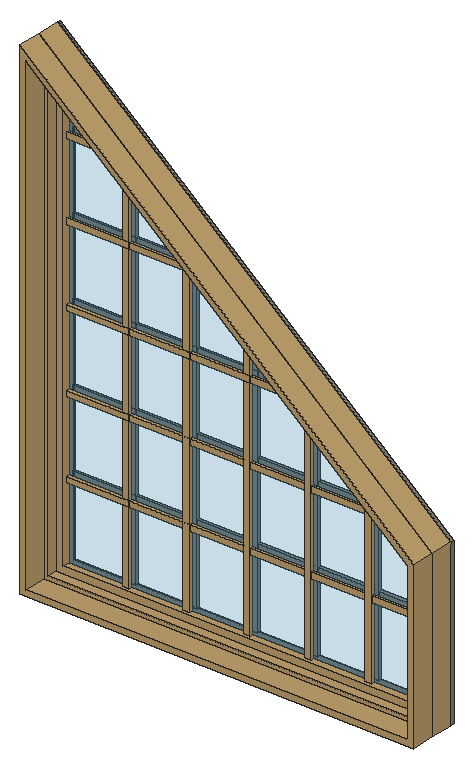
Revit family
Parameters (values of type "CCNTPRYDGPOLY P4")
  Window Type = "Clad Contemporary Direct Glaze Polygon P4"
  URL = "www.marvin.com"
  Slope per foot = 0' - 10"
  Slope Length = Width / cos(Slope Angle)  # 5' - 2.482"
  Slope Angle = atan(Slope per foot / 1' 0")  # 39.8056°
  Nominal Width = 4' - 0"
  Nominal Height = 5' - 0"
  Muntins Interior Visibility = yes
  Muntins Interior Material = Wood-Marvin-Pine
  Muntins Exterior Visibility = yes
  Muntins Exterior Material = Aluminum-Marvin-Bronze
  Model = "CCNTPRYDGPOLY P4"
  Mask Offset [instance] = if(Inset to Installation Flange = 0' 1 3/32", 0' 0 1/32", 0' 0")  # 0' - 0"
  Mask [instance] = Inset to Installation Flange > 0' 1 3/32"  # no
  Manufacturer = "Marvin Windows and Doors"
  Lites Wide = 6
  Lites High = 6
  Label Visibility = no
  Springline Height = Height - (Slope Length * sin(Slope Angle))  # 1' - 8"
  Interior Material = Wood-Marvin-Pine
  Glazing Material = Glass-Marvin-IG Low E II with Argon
  Glass Type = "IG Low E II with Argon"
  Frame = "Aluminum Clad"
  Family created by = "www.rbuiltcomponents.com"
  Rough Width = Width + 0' 1"  # 4' - 1"
  Rough Height = Height + (0' 0 1/2" / cos(Slope Angle)) + (0' 0 1/2" * tan(Slope Angle))  # 5' - 1.06752"
  Jamb Extension Visibility = yes
  Inset to Installation Flange [instance] = 0' - 1"
  Height = Nominal Height  # 5' - 0"
  Design Pressure = if(or(Width > 10' 0", Height > 6' 0"), "", "DP40")  # "DP40"
  Description = "FIXED"
  Default Head Height = 8' - 0"
  Wall Closure = (empty or 0)
  Width = Nominal Width  # 4' - 0"
  Daylight Area = DLO Width * (DLO Height - DLO Height Above Springline) + (DLO Width * DLO Height Above Springline) / 2  # 11.5368 SF
  DLO Width = Width - 0' 3 15/16"  # 3' - 8 1/16"
  DLO Height Above Springline = DLO Width * tan(Slope Angle)  # 3' - 0 23/32"
  DLO Height = Height - 0' 3 15/16"  # 4' - 8 1/16"
  Cladding Material = Aluminum-Marvin-Bronze
  Assembly Code = ""
Reference planes (in)
  plane 1 "Center (Front/Back)": y = 0
  plane 2: z = 0
  plane 3 "Center (Left/Right)": x = -3
  plane 4 "Left": x = -27
  plane 5 "Right": x = 21
  plane 6 "Sill": z = 36
  plane 7 "Top": z = 96
  plane 8 "Inset": y = 2
  plane 9 "Glazing": y = 2.70313
  plane 10 "Jamb Ext Face": y = -0.1875
  plane 11: z = 66
  plane 12: y = -0.21875
  plane 13 "Glazing2": y = 1.89063
Forms (in)
  Sweep 1, solid, material "Aluminum-Marvin-Bronze" <- "Cladding Material"
    path origin (0, 2.70313, 0) x (1, 0, 0) y (0, 0, 1)
      loop
        line (-27, 96) -> (-27, 36) -> (21, 36) -> (21, 56) -> (-27, 96)
    profile "Profile_Ext_Clad_Frame : Profile_Ext_Clad_Frame" origin (-27, 2.70313, 66) x (1, 0, 0) y (0, -1, 0)
      loop
        line (0, 0) -> (0, -0.35938) -> (1.76689, -0.35938) -> (1.76689, -0.24087) -> (1.97001, -0.03774) -> (1.97001, 0) -> (0, 0)
  Sweep 2, solid, material "Wood-Marvin-Pine" <- "Interior Material"
    path origin (0, 2.70313, 0) x (1, 0, 0) y (0, 0, 1)
      loop
        line (-27, 96) -> (-27, 36) -> (21, 36) -> (21, 56) -> (-27, 96)
    profile "Profile_Int_Frame : Profile_Int_Frame" origin (-27, 2.70313, 66) x (1, 0, 0) y (0, -1, 0)
      loop
        line (1.1875, 2.89062) -> (0, 2.89062) -> (0, 0) -> (1.1875, 0) -> (1.1875, 0.8125) -> (1.97001, 0.8125) -> (1.97001, 1.68812) -> (1.1875, 1.68812) -> (1.1875, 2.89062)
  Extrusion 3, solid, material "Wood-Marvin-Pine" <- "Interior Material", visible <- "Jamb Extension Visibility", detail levels medium+fine
    sketch origin (0, -0.1875, 0) x (1, 0, 0) y (0, 0, 1)
      loop
        line (-27, 36) -> (21, 36) -> (21, 56) -> (-27, 96) -> (-27, 36)
      loop
        line (-26.3125, 36.6875) -> (20.3125, 36.6875) -> (20.3125, 55.67799) -> (-26.3125, 94.53216) -> (-26.3125, 36.6875)
    from 0.03125 to 2.8125
  Extrusion 4, solid, material "Glass-Marvin-IG Low E II with Argon" <- "Glazing Material"
    sketch origin (0, 2.70313, 0) x (1, 0, 0) y (0, 0, 1)
      loop
        line (19.71875, 55.64364) -> (-25.71875, 93.50822) -> (-25.71875, 37.28125) -> (19.71875, 37.28125) -> (19.71875, 55.64364)
    from 0 to 0.125
  Extrusion 5, solid, material "Glass-Marvin-IG Low E II with Argon" <- "Glazing Material"
    sketch origin (0, 1.89063, 0) x (1, 0, 0) y (0, 0, 1)
      loop
        line (19.71875, 55.64364) -> (-25.71875, 93.50822) -> (-25.71875, 37.28125) -> (19.71875, 37.28125) -> (19.71875, 55.64364)
    from 0 to -0.125
Lines and regions (in)
  Opening 1
    outline origin (-60, -3, 0) x (1, 0, 0) y (0, 0, 1)
      loop
        line (33, 96) -> (33, 36) -> (81, 36) -> (81, 56) -> (33, 96)
  Masking region 1, visible <- "Mask"
    outline origin (-3, 0, 0) x (0, 1, 0) y (0, 0, 1)
      loop
        line (3.0625, 96) -> (3, 96) -> (3, 36) -> (3.0625, 36) -> (3.0625, 96)
  Masking region 2, visible <- "Jamb Extension Visibility"
    outline origin (0, 0, 36) x (0, -1, 0) y (1, 0, 0)
      loop
        line (-3, -27) -> (3, -27) -> (3, 21) -> (-3, 21) -> (-3, -27)
  Masking region 3
    outline origin (-3, 0, 0) x (0, 1, 0) y (0, 0, 1)
      loop
        line (-0.21875, 96) -> (-3, 96) -> (-3, 36) -> (-0.21875, 36) -> (-0.21875, 96)
  symbolic lines, style "Jamb Extension", visible <- "Jamb Extension Visibility", detail levels fine
    curve 1: line (-27, -3, 36) -> (-26.3125, -3, 36)
    curve 2: line (-26.3125, -3, 36) -> (-26.3125, -0.21875, 36)
    curve 3: line (21, -3, 36) -> (20.3125, -3, 36)
    curve 4: line (20.3125, -3, 36) -> (20.3125, -0.21875, 36)
    curve 5: line (-3, -3, 95.3125) -> (-3, -0.21875, 95.3125)
    curve 6: line (-3, -3, 36.6875) -> (-3, -0.21875, 36.6875)
  symbolic lines, style "WindowsFrameMullionProjection", visible <- "Jamb Extension Visibility", detail levels coarse+medium
    curve 7: line (-26.3125, -0.21875, 36) -> (-26.3125, -3, 36)
    curve 8: line (-26.3125, -3, 36) -> (-27, -3, 36)
    curve 9: line (20.3125, -0.21875, 36) -> (20.3125, -3, 36)
    curve 10: line (20.3125, -3, 36) -> (21, -3, 36)
    curve 13: line (-3, -0.21875, 95.3125) -> (-3, -3, 95.3125)
    curve 14: line (-3, -3, 95.3125) -> (-3, -3, 96)
    curve 15: line (-3, -0.21875, 36.6875) -> (-3, -3, 36.6875)
    curve 16: line (-3, -3, 36.6875) -> (-3, -3, 36)
  symbolic lines, style "Jamb Extension", visible <- "Jamb Extension Visibility"
    curve 11: line (-3, -3, 36.6875) -> (-3, -3, 36)
    curve 12: line (-3, -3, 95.3125) -> (-3, -3, 96)
  reference lines
    curve 17: line (-27, 0, 96) -> (21, 0, 56)
Text (in)
  text "EXTERIOR" at (-58.6888, 50.90694, 0), in view "Ref. Level"
  text "INTERIOR" at (-58.6888, -37.76638, 0), in view "Ref. Level"
  text "Exterior" at (0, 43.65631, 123.19604), in view "Left"
  text "Exterior" at (0, 18.29385, 125.04747), in view "Right"
Dimensions and locks (in)
  equal spacing: plane 4 "Left", plane 3 "Center (Left/Right)", plane 5 "Right"
  "Width": plane 4 "Left" to plane 5 "Right"
  "Height": plane 6 "Sill" to plane 7 "Top"
  "Inset to Installation Flange": host wall to plane 8 "Inset"
  locked: plane 8 "Inset" to plane 9 "Glazing" at 0.70312
  locked: plane 10 "Jamb Ext Face" to plane 8 "Inset" at 2.1875
  locked: Extrusion 4 sketch curve to plane 5 "Right" at 1.28125
  locked: plane 4 "Left" to Extrusion 4 sketch curve at 1.28125
  locked: plane 6 "Sill" to Extrusion 4 sketch curve at 1.28125
  equal spacing: plane 6 "Sill", plane 11, plane 7 "Top"
  "Default Head Height": plane 2 to plane 7 "Top"
  locked: Extrusion 3 sketch curve to Extrusion 3 sketch curve at 0.6875  (x3)
  locked: nested 3 to host wall at 12.00106
  locked: Extrusion 5 sketch curve to plane 5 "Right" at 1.28125
  locked: plane 6 "Sill" to Extrusion 5 sketch curve at 1.28125
  locked: plane 4 "Left" to Extrusion 5 sketch curve at 1.28125
  "Slope Length": curve 17 to curve 17
  "Springline Height": plane 6 "Sill" to curve 17
  locked: curve 13 to plane 7 "Top" at 0.6875
  locked: plane 12 to plane 10 "Jamb Ext Face" at 0.03125
  "Mask Offset": Masking region 1 sketch curve to host wall
  locked: plane 13 "Glazing2" to plane 8 "Inset" at 0.10938
  "Slope Angle": angle plane 7 "Top" to curve 17
  aligned and locked: plane 6 "Sill" to Opening 1 sketch curve  (x2)
  aligned and locked: plane 5 "Right" to Opening 1 sketch curve
  aligned and locked: plane 4 "Left" to Opening 1 sketch curve
  aligned and locked: nested 1 to plane 3 "Center (Left/Right)"
  aligned: plane 8 "Inset" to nested 1
  aligned and locked: host wall to curve 1
  aligned and locked: curve 3 to host wall
  aligned and locked: Sweep 1 sketch curve to plane 6 "Sill"
  aligned and locked: plane 5 "Right" to Sweep 1 sketch curve
  aligned and locked: Sweep 1 sketch curve to plane 4 "Left"
  aligned and locked: Sweep 2 sketch curve to plane 4 "Left"
  aligned and locked: plane 5 "Right" to Sweep 2 sketch curve
  aligned and locked: Sweep 2 sketch curve to plane 6 "Sill"
  aligned and locked: plane 8 "Inset" to nested 2
  aligned and locked: Extrusion 3 sketch curve to plane 6 "Sill"
  aligned and locked: plane 5 "Right" to Extrusion 3 sketch curve
  aligned and locked: host wall to Extrusion 3
  aligned and locked: plane 3 "Center (Left/Right)" to nested 3
  aligned and locked: plane 7 "Top" to Masking region 1 sketch curve
  aligned and locked: Masking region 1 sketch curve to plane 6 "Sill"
  aligned and locked: Extrusion 3 sketch curve to plane 4 "Left"
  aligned and locked: curve 2 to Extrusion 3
  aligned and locked: curve 4 to Extrusion 3
  aligned and locked: plane 4 "Left" to curve 8
  aligned and locked: curve 7 to Extrusion 3
  aligned and locked: curve 8 to host wall
  aligned and locked: plane 5 "Right" to curve 10
  aligned and locked: Extrusion 3 to curve 9  (x2)
  aligned and locked: host wall to curve 10
  aligned and locked: plane 6 "Sill" to curve 11
  aligned and locked: curve 11 to Extrusion 3
  aligned and locked: plane 7 "Top" to curve 12
  aligned and locked: plane 7 "Top" to curve 14
  aligned and locked: host wall to curve 14
  aligned and locked: plane 6 "Sill" to curve 16
  aligned and locked: curve 15 to Extrusion 3
  aligned and locked: Extrusion 4 to plane 9 "Glazing"
  aligned and locked: plane 9 "Glazing" to Extrusion 4
  aligned and locked: plane 4 "Left" to curve 17
  aligned and locked: Sweep 1 sketch curve to curve 17
  aligned and locked: Sweep 2 sketch curve to curve 17
  aligned and locked: Extrusion 3 sketch curve to curve 17
  aligned and locked: Extrusion 5 sketch curve to Extrusion 4
  aligned and locked: Opening 1 sketch curve to curve 17
  aligned and locked: plane 6 "Sill" to nested 2
  aligned and locked: Extrusion 3 to curve 7
  aligned and locked: Extrusion 3 to curve 2
  aligned and locked: Extrusion 3 to curve 4
  aligned and locked: Masking region 2 sketch curve to plane 4 "Left"
  aligned and locked: plane 5 "Right" to Masking region 2 sketch curve
  aligned and locked: Masking region 2 sketch curve to host wall  (x2)
  aligned and locked: Extrusion 3 to curve 13
  aligned and locked: Extrusion 3 to curve 5
  aligned and locked: Extrusion 3 to curve 15
  aligned and locked: Extrusion 3 to curve 6
  aligned and locked: Extrusion 3 to plane 12
  aligned and locked: plane 7 "Top" to Masking region 3 sketch curve
  aligned and locked: Masking region 3 sketch curve to plane 6 "Sill"
  aligned and locked: plane 12 to Masking region 3 sketch curve
  aligned and locked: Masking region 3 sketch curve to host wall
  aligned and locked: plane 9 "Glazing" to nested 4
  aligned and locked: nested 4 to plane 11
  aligned and locked: nested 4 to plane 3 "Center (Left/Right)"
  aligned and locked: plane 3 "Center (Left/Right)" to nested 5
  aligned and locked: plane 11 to nested 5
  aligned and locked: plane 13 "Glazing2" to nested 5
  aligned and locked: plane 8 "Inset" to nested 1
  aligned and locked: Masking region 1 sketch curve to Sweep 1
Automatic sketch dimensions
  Extrusion 3 sketch curve to plane 4 "Left" = 0' - 0 11/16"
  curve 1 to plane 4 "Left" = 0' - 0"
  curve 3 to plane 5 "Right" = 0' - 0"
  curve 11 to host wall = 0' - 0"
  Extrusion 4 sketch curve to plane 11 = 0' - 10.35636"
  plane 7 "Top" to Extrusion 4 sketch curve = 0' - 2.49178"
Nested families (in)
  nested 1: "Polygon_Plan_Detail" at (-3, 2, 36) x (-1, 0, 0) z (0, 0, -1), type "Polygon_Plan_Detail"
  nested 2: "Polygon_Section_Detail" at (-3, 2, 96) x (0, -1, 0) z (1, 0, 0), type "Polygon_Section_Detail"
    with Height 5' - 0"
  nested 3: "Label Annotation 1-16 w6" at (-3, 15.00106, 0), visible <- "Label Visibility", type "Label Annotation 1-16 w6"
    with Nominal Height 5' - 0"
  nested 4: "Muntins" at (-3, 2.70312, 2.03125), visible <- "Muntins Exterior Visibility", Muntin Material <- "Muntins Exterior Material", type "Muntins"
    with Muntin Material Aluminum-Marvin-Bronze, Springline 1' - 8"
  nested 5: "Muntins" at (-3, 1.89063, 2.03125), visible <- "Muntins Interior Visibility", Muntin Material <- "Muntins Interior Material", type "Muntins"
    with Muntin Material Wood-Marvin-Pine, Springline 1' - 8"
Definition of nested family "Muntins"
  Parameters (values of type "Muntins")
    Springline = 0' - 8"
    GlazingWidth = 3' - 8 1/16"
    GlazingHeight = 4' - 8 1/16"
    Width = GlazingWidth + 0' 0 5/16"  # 3' - 8 3/8"
    VerticalMuntins = if(LitesHorizontal < 3, 2, LitesHorizontal - 1)  # 5
    VertMuntVisible = LitesHorizontal > 2  # yes
    MuntinWidth = 0' - 0 3/4"
    MuntinDepth = 0' - 0 5/16"
    Muntin Material [instance] = none
    LitesVertical = 6
    LitesHorizontal = 6
    HorizontalMuntins = if(LitesVertical < 3, 2, LitesVertical - 1)  # 5
    HorizMuntVisible = LitesVertical > 2  # yes
    Height = GlazingHeight + 0' 0 5/16"  # 4' - 8 3/8"
    Inset Vert = if(LitesHorizontal < 3, (Width / 3) - (MuntinWidth / 2), (Width / LitesHorizontal) - (MuntinWidth / 2))  # 0' - 7.02083"
    Inset Horiz = if(LitesVertical < 3, (Height / 3) - (MuntinWidth / 2), (Height / LitesVertical) - (MuntinWidth / 2))  # 0' - 9.02083"
    CenterMuntinVertical = LitesHorizontal = 2  # no
    CenterMuntinHorizontal = LitesVertical = 2  # no
    Assembly Code = ""
  Reference planes (in)
    plane 1 "Center (Front/Back)": y = 0
    plane 2: z = 0
    plane 3 "Center (Left/Right)": x = 0
    plane 4: z = 35.78125
    plane 5: z = 63.96875
    plane 6: z = 92.15625
    plane 7: z = 83.13542
    plane 8: z = 44.80208
    plane 9: z = 92
    plane 10: z = 35.9375
    plane 11: x = -22.03125
    plane 12: x = 22.03125
    plane 13: x = -15.16667
    plane 14: x = -22.1875
    plane 15: x = 22.1875
    plane 16: x = 15.16667
    plane 17: z = 33.96875
    plane 18: x = -24
    plane 19: x = 24
    plane 20: z = 93.96875
    plane 21: z = 41.96875
  Forms (in)
    Extrusion 1, solid, material <- "Muntin Material", visible <- "CenterMuntinVertical"
      sketch origin (9, 0, 0) x (1, 0, 0) y (0, 0, 1)
        loop
          line (-9.375, 92.15625) -> (-9.375, 35.78125) -> (-8.625, 35.78125) -> (-8.625, 92.15625) -> (-9.375, 92.15625)
      from 0 to 0.3125 <- "MuntinDepth"
    Extrusion 2, solid, material <- "Muntin Material", visible <- "CenterMuntinHorizontal"
      sketch origin (-0.0013, 0, 14.6875) x (1, 0, 0) y (0, 0, 1)
        loop
          line (-22.1862, 49.65625) -> (-22.1862, 48.90625) -> (22.1888, 48.90625) -> (22.1888, 49.65625) -> (-22.1862, 49.65625)
      from 0 to 0.3125 <- "MuntinDepth"
    Extrusion 3, solid, material <- "Muntin Material", visible <- "VertMuntVisible"
      sketch origin (-5.79167, 0, -2.90625) x (1, 0, 0) y (0, 0, 1)
        loop
          line (-9.375, 95.0625) -> (-9.375, 38.6875) -> (-8.625, 38.6875) -> (-8.625, 95.0625) -> (-9.375, 95.0625)
      from 0 to 0.3125 <- "MuntinDepth"
    Extrusion 4, solid, material <- "Muntin Material", visible <- "HorizMuntVisible"
      sketch origin (6.8724, 0, 37.44792) x (1, 0, 0) y (0, 0, 1)
        loop
          line (-29.0599, 45.6875) -> (-29.0599, 44.9375) -> (15.3151, 44.9375) -> (15.3151, 45.6875) -> (-29.0599, 45.6875)
      from 0 to 0.3125 <- "MuntinDepth"
    Extrusion 5, solid, material <- "Muntin Material", visible <- "HorizMuntVisible"
      sketch origin (6.8724, 0, -0.13542) x (1, 0, 0) y (0, 0, 1)
        loop
          line (-29.0599, 45.6875) -> (-29.0599, 44.9375) -> (15.3151, 44.9375) -> (15.3151, 45.6875) -> (-29.0599, 45.6875)
      from 0 to 0.3125 <- "MuntinDepth"
    Extrusion 6, solid, material <- "Muntin Material", visible <- "VertMuntVisible"
      sketch origin (23.79167, 0, -2.90625) x (1, 0, 0) y (0, 0, 1)
        loop
          line (-9.375, 95.0625) -> (-9.375, 38.6875) -> (-8.625, 38.6875) -> (-8.625, 95.0625) -> (-9.375, 95.0625)
      from 0 to 0.3125 <- "MuntinDepth"
    Extrusion 7, solid, material <- "Muntin Material", visible <- "HorizMuntVisible"
      sketch origin (6.8724, 0, 28.05208) x (1, 0, 0) y (0, 0, 1)
        loop
          line (-29.0599, 45.6875) -> (-29.0599, 44.9375) -> (15.3151, 44.9375) -> (15.3151, 45.6875) -> (-29.0599, 45.6875)
      from 0 to 0.3125 <- "MuntinDepth"
    Extrusion 8, solid, material <- "Muntin Material", visible <- "HorizMuntVisible"
      sketch origin (6.8724, 0, 18.65625) x (1, 0, 0) y (0, 0, 1)
        loop
          line (-29.0599, 45.6875) -> (-29.0599, 44.9375) -> (15.3151, 44.9375) -> (15.3151, 45.6875) -> (-29.0599, 45.6875)
      from 0 to 0.3125 <- "MuntinDepth"
    Extrusion 9, solid, material <- "Muntin Material", visible <- "VertMuntVisible"
      sketch origin (1.60417, 0, -2.90625) x (1, 0, 0) y (0, 0, 1)
        loop
          line (-9.375, 95.0625) -> (-9.375, 38.6875) -> (-8.625, 38.6875) -> (-8.625, 95.0625) -> (-9.375, 95.0625)
      from 0 to 0.3125 <- "MuntinDepth"
    Extrusion 10, solid, material <- "Muntin Material", visible <- "VertMuntVisible"
      sketch origin (9, 0, -2.90625) x (1, 0, 0) y (0, 0, 1)
        loop
          line (-9.375, 95.0625) -> (-9.375, 38.6875) -> (-8.625, 38.6875) -> (-8.625, 95.0625) -> (-9.375, 95.0625)
      from 0 to 0.3125 <- "MuntinDepth"
    Extrusion 11, solid, material <- "Muntin Material", visible <- "HorizMuntVisible"
      sketch origin (6.8724, 0, 9.26042) x (1, 0, 0) y (0, 0, 1)
        loop
          line (-29.0599, 45.6875) -> (-29.0599, 44.9375) -> (15.3151, 44.9375) -> (15.3151, 45.6875) -> (-29.0599, 45.6875)
      from 0 to 0.3125 <- "MuntinDepth"
    Extrusion 12, solid, material <- "Muntin Material", visible <- "VertMuntVisible"
      sketch origin (16.39583, 0, -2.90625) x (1, 0, 0) y (0, 0, 1)
        loop
          line (-9.375, 95.0625) -> (-9.375, 38.6875) -> (-8.625, 38.6875) -> (-8.625, 95.0625) -> (-9.375, 95.0625)
      from 0 to 0.3125 <- "MuntinDepth"
    Extrusion 13, void
      sketch origin (0, 0, 0) x (1, 0, 0) y (0, 0, 1)
        loop
          line (24, 93.96875) -> (-26.46665, 93.96875) -> (24, 39.29655) -> (24, 93.96875)
      from 0 to 12
  Cuts and joins
    Extrusion 13 cuts Extrusion 1
    Extrusion 13 cuts Extrusion 2
    Extrusion 13 cuts Extrusion 3
    Extrusion 13 cuts Extrusion 4
    Extrusion 13 cuts Extrusion 6
    Extrusion 13 cuts Extrusion 7
    Extrusion 13 cuts Extrusion 8
    Extrusion 13 cuts Extrusion 9
    Extrusion 13 cuts Extrusion 10
    Extrusion 13 cuts Extrusion 12
    Extrusion 13 cuts Extrusion 11
    Extrusion 13 cuts Extrusion 5
  Lines and regions (in)
    reference lines
      curve 1: line (24, 0, 41.96875) -> (-24, 0, 93.96875)
  Dimensions and locks (in)
    "Inset Horiz": plane 6 to plane 7
    "Inset Horiz": plane 8 to plane 4
    equal spacing: plane 6, plane 5, plane 4
    "Height": plane 6 to plane 4
    "GlazingHeight": plane 9 to plane 10
    equal spacing: plane 9, plane 5, plane 10
    "GlazingWidth": plane 12 to plane 11
    equal spacing: plane 12, plane 3 "Center (Left/Right)", plane 11
    "MuntinWidth": Extrusion 1 sketch curve to Extrusion 1 sketch curve
    "Height": Extrusion 1 sketch curve to Extrusion 1 sketch curve
    "MuntinWidth": Extrusion 2 sketch curve to Extrusion 2 sketch curve
    "Width": Extrusion 2 sketch curve to Extrusion 2 sketch curve
    "MuntinWidth": Extrusion 3 sketch curve to Extrusion 3 sketch curve
    "Height": Extrusion 3 sketch curve to Extrusion 3 sketch curve
    "Width": plane 15 to plane 14
    equal spacing: plane 15, plane 3 "Center (Left/Right)", plane 14
    "Inset Vert": plane 13 to plane 14
    "Inset Vert": plane 15 to plane 16
    "MuntinWidth": Extrusion 4 sketch curve to Extrusion 4 sketch curve
    "Width": Extrusion 4 sketch curve to Extrusion 4 sketch curve
    "MuntinWidth": Extrusion 5 sketch curve to Extrusion 5 sketch curve
    "Width": Extrusion 5 sketch curve to Extrusion 5 sketch curve
    equal spacing: group 2, group 6, group 7, group 10, group 3  (x2)
    equal spacing: group 3, group 10, group 7, group 6, group 2
    "MuntinWidth": Extrusion 6 sketch curve to Extrusion 6 sketch curve
    "Height": Extrusion 6 sketch curve to Extrusion 6 sketch curve
    equal spacing: group 4, group 8, group 9, group 11, group 5  (x3)
    locked: plane 17 to plane 10 at 1.96875
    locked: plane 11 to plane 18 at 1.96875
    locked: plane 12 to plane 19 at 1.96875
    locked: plane 20 to plane 9 at 1.96875
    "Springline": plane 17 to plane 21
    "MuntinWidth": Extrusion 7 sketch curve to Extrusion 7 sketch curve
    "Width": Extrusion 7 sketch curve to Extrusion 7 sketch curve
    "MuntinWidth": Extrusion 8 sketch curve to Extrusion 8 sketch curve
    "Width": Extrusion 8 sketch curve to Extrusion 8 sketch curve
    "MuntinWidth": Extrusion 9 sketch curve to Extrusion 9 sketch curve
    "Height": Extrusion 9 sketch curve to Extrusion 9 sketch curve
    "MuntinWidth": Extrusion 10 sketch curve to Extrusion 10 sketch curve
    "Height": Extrusion 10 sketch curve to Extrusion 10 sketch curve
    "MuntinWidth": Extrusion 11 sketch curve to Extrusion 11 sketch curve
    "Width": Extrusion 11 sketch curve to Extrusion 11 sketch curve
    "MuntinWidth": Extrusion 12 sketch curve to Extrusion 12 sketch curve
    "Height": Extrusion 12 sketch curve to Extrusion 12 sketch curve
    locked: Extrusion 13 sketch curve to curve 1 at 1.8125
    aligned and locked: plane 6 to Extrusion 1  (x2)
    aligned and locked: Extrusion 1 to plane 4  (x3)
    aligned and locked: Extrusion 3 to plane 13  (x5)
    aligned and locked: Extrusion 3 to plane 4  (x3)
    aligned and locked: Extrusion 2 to plane 14
    aligned and locked: plane 15 to Extrusion 2
    aligned and locked: plane 6 to Extrusion 3
    aligned and locked: plane 7 to Extrusion 4
    aligned and locked: Extrusion 4 to plane 14
    aligned and locked: plane 15 to Extrusion 4
    aligned and locked: Extrusion 5 to plane 14
    aligned and locked: Extrusion 5 to plane 8
    aligned and locked: plane 15 to Extrusion 5
    aligned and locked: Extrusion 6 to plane 16
    aligned and locked: plane 6 to Extrusion 6
    aligned and locked: Extrusion 6 to plane 4
    aligned and locked: plane 19 to curve 1
    aligned and locked: plane 20 to curve 1
    aligned and locked: Extrusion 13 sketch curve to plane 20
    aligned and locked: Extrusion 13 sketch curve to plane 19
  Automatic sketch dimensions
    Extrusion 1 sketch curve to plane 4 = 0' - 0"
    Extrusion 1 sketch curve to plane 3 "Center (Left/Right)" = 0' - 0 3/8"
    Extrusion 2 sketch curve to plane 14 = 0' - 0"
    Extrusion 2 sketch curve to plane 5 = 0' - 0 3/8"
    curve 1 to plane 18 = 0' - 0"
    curve 1 to plane 21 = 0' - 0"
Definition of nested family "Polygon_Plan_Detail"
  Parameters (values of type "Polygon_Plan_Detail")
    Width = 4' - 0"
    Assembly Code = ""
  Reference planes (in)
    plane 1 "Center (Front/Back)": y = 0
    plane 2: z = 0
    plane 3 "Center (Left/Right)": x = 0
    plane 4: x = -24
    plane 5: x = 24
  Lines and regions (in)
    Masking region 1, in view "Ref. Level"
      outline origin (0, 0, 0) x (1, 0, 0) y (0, 1, 0)
        loop
          line (-24, 1.0625) -> (-24, -2.1875) -> (24, -2.1875) -> (24, 1.0625) -> (-24, 1.0625)
    detail lines, style "Cut Lines", in view "Ref. Level", detail levels fine
      curve 1: line (-22.625, 0.67188, 0) -> (22.625, 0.67188, 0)
      curve 2: line (22.625, 0.54688, 0) -> (-22.625, 0.54688, 0)
      curve 3: line (-22.625, 0.01563, 0) -> (22.625, 0.01563, 0)
      curve 4: line (22.625, -0.10937, 0) -> (-22.625, -0.10937, 0)
    detail lines, style "Frame/Mullion", in view "Ref. Level", detail levels coarse+medium
      curve 5: line (-22.8125, -2.1875, 0) -> (-24, -2.1875, 0)
      curve 6: line (-22.8125, -2.1875, 0) -> (-22.8125, -0.985, 0)
      curve 7: line (-22.02999, 1.0625, 0) -> (-24, 1.0625, 0)
      curve 8: line (-22.8125, -0.985, 0) -> (-22.02999, -0.985, 0)
      curve 9: line (-22.02999, -0.985, 0) -> (-22.02999, 1.0625, 0)
      curve 10: line (22.02999, 1.0625, 0) -> (24, 1.0625, 0)
      curve 11: line (22.8125, -2.1875, 0) -> (24, -2.1875, 0)
      curve 12: line (22.8125, -2.1875, 0) -> (22.8125, -0.985, 0)
      curve 13: line (22.8125, -0.985, 0) -> (22.02999, -0.985, 0)
      curve 14: line (22.02999, -0.985, 0) -> (22.02999, 1.0625, 0)
    detail lines, style "Glass", in view "Ref. Level", detail levels coarse+medium
      curve 15: line (-22.02999, 0.03875, 0) -> (22.02999, 0.03875, 0)
    detail lines, in view "Ref. Level", detail levels coarse+medium
      curve 16: line (-22.02999, -0.985, 0) -> (22.02999, -0.985, 0)
  Dimensions and locks (in)
    equal spacing: plane 4, plane 3 "Center (Left/Right)", plane 5
    "Width": plane 4 to plane 5
    aligned and locked: plane 1 "Center (Front/Back)" to nested 1
    aligned and locked: nested 1 to plane 4
    aligned and locked: plane 5 to nested 2
    aligned and locked: nested 2 to plane 1 "Center (Front/Back)"
    aligned and locked: nested 1 to curve 1
    aligned and locked: nested 1 to curve 2
    aligned and locked: nested 1 to curve 3
    aligned and locked: curve 4 to nested 1  (x2)
    aligned and locked: nested 2 to curve 1
    aligned and locked: nested 2 to curve 2
    aligned and locked: nested 2 to curve 3
    aligned and locked: curve 4 to nested 2
    aligned and locked: curve 1 to nested 1
    aligned and locked: curve 2 to nested 1
    aligned and locked: curve 3 to nested 1
    aligned and locked: Masking region 1 sketch curve to nested 1  (x2)
    aligned and locked: Masking region 1 sketch curve to nested 2  (x2)
    aligned and locked: curve 5 to nested 1
    aligned and locked: curve 6 to nested 1
    aligned and locked: curve 7 to nested 1
    aligned and locked: curve 8 to nested 1
    aligned and locked: curve 9 to nested 1
    aligned and locked: curve 10 to nested 2
    aligned and locked: curve 11 to nested 2
    aligned and locked: curve 12 to nested 2
    aligned and locked: curve 13 to nested 2
    aligned and locked: curve 14 to nested 2
  Automatic sketch dimensions
    curve 7 to plane 4 = 0' - 0"
    curve 5 to plane 4 = 0' - 0"
    curve 10 to plane 5 = 0' - 0"
    curve 11 to plane 5 = 0' - 0"
    curve 15 to plane 1 "Center (Front/Back)" = 0' - 0.03875"
  Nested families (in)
    nested 1: "Jamb_Detail" at (-24, 0, 0), type "Jamb_Detail", in view "Ref. Level", detail levels fine
    nested 2: "Jamb_Detail" at (24, 0, 0) x (-1, 0, 0) z (0, 0, 1), type "Jamb_Detail", in view "Ref. Level", detail levels fine
  Definition of nested family "Jamb_Detail"
    Parameters (values of type "Jamb_Detail")
      Assembly Code = ""
    Reference planes (in)
      plane 1 "Center (Front/Back)": y = 0
      plane 2: z = 0
      plane 3 "Center (Left/Right)": x = 0
    Lines and regions (in)
      detail lines, style "Cut Lines", in view "Ref. Level"
        curve 1: line (1.1875, 2.1875, 0) -> (0, 2.1875, 0)
        curve 2: line (0, 2.1875, 0) -> (0, -1.0625, 0)
        curve 3: line (1.1875, 2.1875, 0) -> (1.1875, 0.985, 0)
        curve 4: line (1.1875, 0.985, 0) -> (1.97001, 0.985, 0)
        curve 5: line (1.97001, 0.985, 0) -> (1.97001, 0.10938, 0)
        curve 6: line (1.97001, 0.10938, 0) -> (1.1875, 0.10938, 0)
        curve 7: line (-0.15502, 0, 0) -> (-1.50502, 0, 0)
        curve 8: line (0, -0.045, 0) -> (-1.50502, -0.045, 0)
        curve 9: line (0, 0.11, 0) -> (-0.15502, 0.11, 0)
        curve 10: line (-0.15502, 0, 0) -> (-0.15502, 0.11, 0)
        curve 11: line (1.76689, -1.0625, 0) -> (0, -1.0625, 0)
        curve 12: line (1.76689, -0.94399, 0) -> (1.76689, -1.0625, 0)
        curve 13: line (1.1875, -0.70312, 0) -> (1.97001, -0.70312, 0)
        curve 14: line (-1.50502, 0, 0) -> (-1.50502, -0.045, 0)
        curve 15: line (1.97001, -0.70312, 0) -> (1.97001, -0.74087, 0)
        curve 16: line (1.1875, 0.10937, 0) -> (1.1875, -0.70312, 0)
        curve 17: line (1.375, 0.10938, 0) -> (1.375, -0.67188, 0)
        curve 18: line (1.76689, -0.94399, 0) -> (1.97001, -0.74087, 0)
        curve 19: line (1.75021, -0.01563, 0) -> (1.75021, -0.54688, 0)
Definition of nested family "Polygon_Section_Detail"
  Parameters (values of type "Polygon_Section_Detail")
    Height = 3' - 0"
    Assembly Code = ""
  Reference planes (in)
    plane 1 "Center (Front/Back)": y = 0
    plane 2: z = 0
    plane 3 "Center (Left/Right)": x = 0
    plane 4: y = 36
  Lines and regions (in)
    Masking region 1, in view "Ref. Level"
      outline origin (0, 0, 0) x (1, 0, 0) y (0, 1, 0)
        loop
          line (-1.0625, 36) -> (-1.0625, 0) -> (2.1875, 0) -> (2.1875, 36) -> (-1.0625, 36)
    detail lines, style "Cut Lines", in view "Ref. Level", detail levels fine
      curve 1: line (-0.67188, 1.375, 0) -> (-0.67188, 34.625, 0)
      curve 2: line (-0.54688, 34.625, 0) -> (-0.54688, 1.375, 0)
      curve 3: line (-0.01563, 1.375, 0) -> (-0.01563, 34.625, 0)
      curve 4: line (0.10937, 34.625, 0) -> (0.10937, 1.375, 0)
    detail lines, style "Frame/Mullion", in view "Ref. Level", detail levels coarse+medium
      curve 5: line (-1.0625, 34.02999, 0) -> (-1.0625, 36, 0)
      curve 6: line (0.985, 34.02999, 0) -> (-1.0625, 34.02999, 0)
      curve 7: line (0.985, 34.8125, 0) -> (0.985, 34.02999, 0)
      curve 8: line (2.1875, 34.8125, 0) -> (0.985, 34.8125, 0)
      curve 9: line (2.1875, 34.8125, 0) -> (2.1875, 36, 0)
      curve 10: line (-1.0625, 1.97001, 0) -> (-1.0625, 0, 0)
      curve 11: line (0.985, 1.97001, 0) -> (-1.0625, 1.97001, 0)
      curve 12: line (0.985, 1.1875, 0) -> (0.985, 1.97001, 0)
      curve 13: line (2.1875, 1.1875, 0) -> (0.985, 1.1875, 0)
      curve 14: line (2.1875, 1.1875, 0) -> (2.1875, 0, 0)
    detail lines, in view "Ref. Level", detail levels coarse+medium
      curve 15: line (0.985, 1.97001, 0) -> (0.985, 34.02999, 0)
    detail lines, style "Glass", in view "Ref. Level", detail levels coarse+medium
      curve 16: line (-0.03875, 1.97001, 0) -> (-0.03875, 34.02999, 0)
  Dimensions and locks (in)
    "Height": plane 4 to plane 1 "Center (Front/Back)"
    aligned and locked: nested 1 to plane 4
    aligned and locked: plane 3 "Center (Left/Right)" to nested 1
    aligned and locked: plane 1 "Center (Front/Back)" to nested 2
    aligned and locked: nested 2 to plane 3 "Center (Left/Right)"
    aligned and locked: nested 1 to curve 1
    aligned and locked: nested 1 to curve 2
    aligned and locked: nested 1 to curve 3
    aligned and locked: curve 4 to nested 1
    aligned and locked: nested 2 to curve 1
    aligned and locked: nested 2 to curve 2
    aligned and locked: nested 2 to curve 3
    aligned and locked: curve 4 to nested 2  (x2)
    aligned and locked: curve 1 to nested 2
    aligned and locked: curve 2 to nested 2
    aligned and locked: curve 3 to nested 2
    aligned and locked: Masking region 1 sketch curve to nested 1  (x2)
    aligned and locked: Masking region 1 sketch curve to nested 2  (x2)
    aligned and locked: curve 5 to nested 1
    aligned and locked: curve 6 to nested 1
    aligned and locked: curve 7 to nested 1
    aligned and locked: curve 8 to nested 1
    aligned and locked: curve 9 to nested 1
    aligned and locked: curve 10 to nested 2
    aligned and locked: curve 11 to nested 2
    aligned and locked: curve 12 to nested 2
    aligned and locked: curve 13 to nested 2
    aligned and locked: curve 14 to nested 2
  Automatic sketch dimensions
    plane 1 "Center (Front/Back)" to curve 14 = 0' - 0"
    plane 1 "Center (Front/Back)" to curve 10 = 0' - 0"
    curve 9 to plane 4 = 0' - 0"
    curve 5 to plane 4 = 0' - 0"
    curve 16 to plane 3 "Center (Left/Right)" = 0' - 0.03875"
  Nested families (in)
    nested 1: "Head_Detail" at (0, 36, 0), type "Head_Detail", in view "Ref. Level", detail levels fine
    nested 2: "Head_Detail" at (0, 0, 0), type "Head_Detail", in view "Ref. Level", detail levels fine
  Definition of nested family "Head_Detail"
    Parameters (values of type "Head_Detail")
      Assembly Code = ""
    Reference planes (in)
      plane 1 "Center (Front/Back)": y = 0
      plane 2: z = 0
      plane 3 "Center (Left/Right)": x = 0
    Lines and regions (in)
      detail lines, style "Cut Lines", in view "Ref. Level"
        curve 1: line (2.1875, -1.1875, 0) -> (2.1875, 0, 0)
        curve 2: line (2.1875, 0, 0) -> (-1.0625, 0, 0)
        curve 3: line (2.1875, -1.1875, 0) -> (0.985, -1.1875, 0)
        curve 4: line (0.985, -1.1875, 0) -> (0.985, -1.97001, 0)
        curve 5: line (0.985, -1.97001, 0) -> (0.10938, -1.97001, 0)
        curve 6: line (0.10938, -1.97001, 0) -> (0.10938, -1.1875, 0)
        curve 7: line (0, 0.15502, 0) -> (0, 1.50502, 0)
        curve 8: line (-0.045, 0, 0) -> (-0.045, 1.50502, 0)
        curve 9: line (0.11, 0, 0) -> (0.11, 0.15502, 0)
        curve 10: line (0, 0.15502, 0) -> (0.11, 0.15502, 0)
        curve 11: line (-1.0625, -1.76689, 0) -> (-1.0625, 0, 0)
        curve 12: line (-0.94399, -1.76689, 0) -> (-1.0625, -1.76689, 0)
        curve 13: line (-0.70312, -1.1875, 0) -> (-0.70312, -1.97001, 0)
        curve 14: line (0, 1.50502, 0) -> (-0.045, 1.50502, 0)
        curve 15: line (-0.70312, -1.97001, 0) -> (-0.74087, -1.97001, 0)
        curve 16: line (0.10938, -1.1875, 0) -> (-0.70312, -1.1875, 0)
        curve 17: line (0.10938, -1.375, 0) -> (-0.67187, -1.375, 0)
        curve 18: line (-0.94399, -1.76689, 0) -> (-0.74087, -1.97001, 0)
        curve 19: line (-0.01563, -1.75021, 0) -> (-0.54688, -1.75021, 0)
Definition of nested family "Label Annotation 1-16 w6"
  Parameters
    Nominal Width = 4' - 0"
    Nominal Height = 6' - 0"
    Label = ""
    Egress Info = "EGRESS WDW"
    Description = "DBHG MGNM"
  Reference planes (in)
    plane 1: y = 0
    plane 2: x = 0
  Text (in)
    label "Nominal Width X  Nominal Height Description" at (0.00375, -0.00345, 0), shows "Nominal Width", "Nominal Height", "Description"
